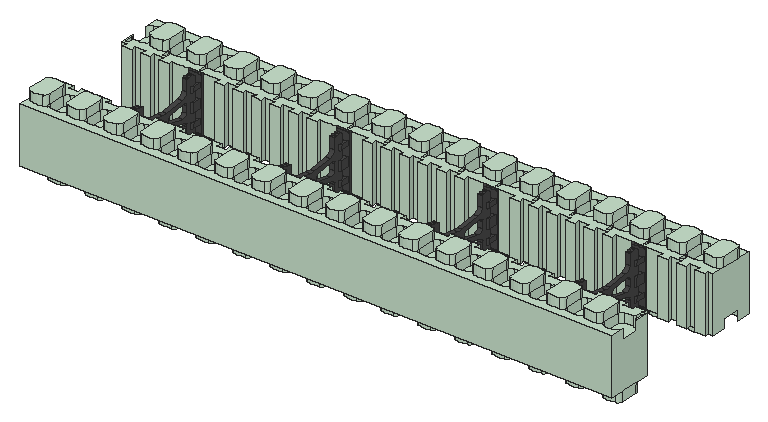
Revit family (continued)
Forms (mm)
  Extrusion 56, void
    sketch origin (508, 235.456, 0) x (-1, 0, 0) y (0, -1, 0)
      loop
        line (6.454, 56.046) -> (2.115, 56.046) -> (2.115, 47.255)
        arc (2.115, 47.255) -> (2.005, 46.676) -> (1.692, 46.177) r 1.588
        arc (1.692, 46.177) -> (0.438, 44.179) -> (0, 41.861) r 6.35
        line (0, 41.861) -> (0, 18.464)
        arc (0, 18.464) -> (1.215, 14.728) -> (4.396, 12.422) r 6.35
        arc (4.396, 12.422) -> (12.7, 11.112) -> (21.004, 12.422) r 26.987
        arc (21.004, 12.422) -> (24.185, 14.728) -> (25.4, 18.464) r 6.35
        line (25.4, 18.464) -> (25.4, 41.861)
        arc (25.4, 41.861) -> (24.185, 45.597) -> (21.004, 47.903) r 6.35
        arc (21.004, 47.903) -> (14.709, 49.138) -> (8.3, 48.851) r 26.987
        arc (8.3, 48.851) -> (7.014, 49.207) -> (6.454, 50.418) r 1.587
        line (6.454, 50.418) -> (6.454, 56.046)
    from 0 to 12.7
  Extrusion 57, void
    sketch origin (457.2, 235.456, 0) x (-1, 0, 0) y (0, -1, 0)
      loop
        line (6.454, 56.046) -> (2.115, 56.046) -> (2.115, 47.255)
        arc (2.115, 47.255) -> (2.005, 46.676) -> (1.692, 46.177) r 1.588
        arc (1.692, 46.177) -> (0.438, 44.179) -> (0, 41.861) r 6.35
        line (0, 41.861) -> (0, 18.464)
        arc (0, 18.464) -> (1.215, 14.728) -> (4.396, 12.422) r 6.35
        arc (4.396, 12.422) -> (12.7, 11.112) -> (21.004, 12.422) r 26.987
        arc (21.004, 12.422) -> (24.185, 14.728) -> (25.4, 18.464) r 6.35
        line (25.4, 18.464) -> (25.4, 41.861)
        arc (25.4, 41.861) -> (24.185, 45.597) -> (21.004, 47.903) r 6.35
        arc (21.004, 47.903) -> (14.709, 49.138) -> (8.3, 48.851) r 26.987
        arc (8.3, 48.851) -> (7.014, 49.207) -> (6.454, 50.418) r 1.587
        line (6.454, 50.418) -> (6.454, 56.046)
    from 0 to 12.7
  Extrusion 58, void
    sketch origin (406.4, 235.456, 0) x (-1, 0, 0) y (0, -1, 0)
      loop
        line (6.454, 56.046) -> (2.115, 56.046) -> (2.115, 47.255)
        arc (2.115, 47.255) -> (2.005, 46.676) -> (1.692, 46.177) r 1.588
        arc (1.692, 46.177) -> (0.438, 44.179) -> (0, 41.861) r 6.35
        line (0, 41.861) -> (0, 18.464)
        arc (0, 18.464) -> (1.215, 14.728) -> (4.396, 12.422) r 6.35
        arc (4.396, 12.422) -> (12.7, 11.112) -> (21.004, 12.422) r 26.987
        arc (21.004, 12.422) -> (24.185, 14.728) -> (25.4, 18.464) r 6.35
        line (25.4, 18.464) -> (25.4, 41.861)
        arc (25.4, 41.861) -> (24.185, 45.597) -> (21.004, 47.903) r 6.35
        arc (21.004, 47.903) -> (14.709, 49.138) -> (8.3, 48.851) r 26.987
        arc (8.3, 48.851) -> (7.014, 49.207) -> (6.454, 50.418) r 1.587
        line (6.454, 50.418) -> (6.454, 56.046)
    from 0 to 12.7
  Extrusion 59, void
    sketch origin (355.6, 235.456, 0) x (-1, 0, 0) y (0, -1, 0)
      loop
        line (6.454, 56.046) -> (2.115, 56.046) -> (2.115, 47.255)
        arc (2.115, 47.255) -> (2.005, 46.676) -> (1.692, 46.177) r 1.588
        arc (1.692, 46.177) -> (0.438, 44.179) -> (0, 41.861) r 6.35
        line (0, 41.861) -> (0, 18.464)
        arc (0, 18.464) -> (1.215, 14.728) -> (4.396, 12.422) r 6.35
        arc (4.396, 12.422) -> (12.7, 11.112) -> (21.004, 12.422) r 26.987
        arc (21.004, 12.422) -> (24.185, 14.728) -> (25.4, 18.464) r 6.35
        line (25.4, 18.464) -> (25.4, 41.861)
        arc (25.4, 41.861) -> (24.185, 45.597) -> (21.004, 47.903) r 6.35
        arc (21.004, 47.903) -> (14.709, 49.138) -> (8.3, 48.851) r 26.987
        arc (8.3, 48.851) -> (7.014, 49.207) -> (6.454, 50.418) r 1.587
        line (6.454, 50.418) -> (6.454, 56.046)
    from 0 to 12.7
  Extrusion 60, void
    sketch origin (304.8, 235.456, 0) x (-1, 0, 0) y (0, -1, 0)
      loop
        line (6.454, 56.046) -> (2.115, 56.046) -> (2.115, 47.255)
        arc (2.115, 47.255) -> (2.005, 46.676) -> (1.692, 46.177) r 1.588
        arc (1.692, 46.177) -> (0.438, 44.179) -> (0, 41.861) r 6.35
        line (0, 41.861) -> (0, 18.464)
        arc (0, 18.464) -> (1.215, 14.728) -> (4.396, 12.422) r 6.35
        arc (4.396, 12.422) -> (12.7, 11.112) -> (21.004, 12.422) r 26.987
        arc (21.004, 12.422) -> (24.185, 14.728) -> (25.4, 18.464) r 6.35
        line (25.4, 18.464) -> (25.4, 41.861)
        arc (25.4, 41.861) -> (24.185, 45.597) -> (21.004, 47.903) r 6.35
        arc (21.004, 47.903) -> (14.709, 49.138) -> (8.3, 48.851) r 26.987
        arc (8.3, 48.851) -> (7.014, 49.207) -> (6.454, 50.418) r 1.587
        line (6.454, 50.418) -> (6.454, 56.046)
    from 0 to 12.7
  Extrusion 61, void
    sketch origin (254, 235.456, 0) x (-1, 0, 0) y (0, -1, 0)
      loop
        line (6.454, 56.046) -> (2.115, 56.046) -> (2.115, 47.255)
        arc (2.115, 47.255) -> (2.005, 46.676) -> (1.692, 46.177) r 1.588
        arc (1.692, 46.177) -> (0.438, 44.179) -> (0, 41.861) r 6.35
        line (0, 41.861) -> (0, 18.464)
        arc (0, 18.464) -> (1.215, 14.728) -> (4.396, 12.422) r 6.35
        arc (4.396, 12.422) -> (12.7, 11.112) -> (21.004, 12.422) r 26.987
        arc (21.004, 12.422) -> (24.185, 14.728) -> (25.4, 18.464) r 6.35
        line (25.4, 18.464) -> (25.4, 41.861)
        arc (25.4, 41.861) -> (24.185, 45.597) -> (21.004, 47.903) r 6.35
        arc (21.004, 47.903) -> (14.709, 49.138) -> (8.3, 48.851) r 26.987
        arc (8.3, 48.851) -> (7.014, 49.207) -> (6.454, 50.418) r 1.587
        line (6.454, 50.418) -> (6.454, 56.046)
    from 0 to 12.7
  Extrusion 62, void
    sketch origin (203.2, 235.456, 0) x (-1, 0, 0) y (0, -1, 0)
      loop
        line (6.454, 56.046) -> (2.115, 56.046) -> (2.115, 47.255)
        arc (2.115, 47.255) -> (2.005, 46.676) -> (1.692, 46.177) r 1.588
        arc (1.692, 46.177) -> (0.438, 44.179) -> (0, 41.861) r 6.35
        line (0, 41.861) -> (0, 18.464)
        arc (0, 18.464) -> (1.215, 14.728) -> (4.396, 12.422) r 6.35
        arc (4.396, 12.422) -> (12.7, 11.112) -> (21.004, 12.422) r 26.987
        arc (21.004, 12.422) -> (24.185, 14.728) -> (25.4, 18.464) r 6.35
        line (25.4, 18.464) -> (25.4, 41.861)
        arc (25.4, 41.861) -> (24.185, 45.597) -> (21.004, 47.903) r 6.35
        arc (21.004, 47.903) -> (14.709, 49.138) -> (8.3, 48.851) r 26.987
        arc (8.3, 48.851) -> (7.014, 49.207) -> (6.454, 50.418) r 1.587
        line (6.454, 50.418) -> (6.454, 56.046)
    from 0 to 12.7
  Extrusion 63, void
    sketch origin (152.4, 235.456, 0) x (-1, 0, 0) y (0, -1, 0)
      loop
        line (6.454, 56.046) -> (2.115, 56.046) -> (2.115, 47.255)
        arc (2.115, 47.255) -> (2.005, 46.676) -> (1.692, 46.177) r 1.588
        arc (1.692, 46.177) -> (0.438, 44.179) -> (0, 41.861) r 6.35
        line (0, 41.861) -> (0, 18.464)
        arc (0, 18.464) -> (1.215, 14.728) -> (4.396, 12.422) r 6.35
        arc (4.396, 12.422) -> (12.7, 11.112) -> (21.004, 12.422) r 26.987
        arc (21.004, 12.422) -> (24.185, 14.728) -> (25.4, 18.464) r 6.35
        line (25.4, 18.464) -> (25.4, 41.861)
        arc (25.4, 41.861) -> (24.185, 45.597) -> (21.004, 47.903) r 6.35
        arc (21.004, 47.903) -> (14.709, 49.138) -> (8.3, 48.851) r 26.987
        arc (8.3, 48.851) -> (7.014, 49.207) -> (6.454, 50.418) r 1.587
        line (6.454, 50.418) -> (6.454, 56.046)
    from 0 to 12.7
  Extrusion 64, void
    sketch origin (101.6, 235.456, 0) x (-1, 0, 0) y (0, -1, 0)
      loop
        line (6.454, 56.046) -> (2.115, 56.046) -> (2.115, 47.255)
        arc (2.115, 47.255) -> (2.005, 46.676) -> (1.692, 46.177) r 1.588
        arc (1.692, 46.177) -> (0.438, 44.179) -> (0, 41.861) r 6.35
        line (0, 41.861) -> (0, 18.464)
        arc (0, 18.464) -> (1.215, 14.728) -> (4.396, 12.422) r 6.35
        arc (4.396, 12.422) -> (12.7, 11.112) -> (21.004, 12.422) r 26.987
        arc (21.004, 12.422) -> (24.185, 14.728) -> (25.4, 18.464) r 6.35
        line (25.4, 18.464) -> (25.4, 41.861)
        arc (25.4, 41.861) -> (24.185, 45.597) -> (21.004, 47.903) r 6.35
        arc (21.004, 47.903) -> (14.709, 49.138) -> (8.3, 48.851) r 26.987
        arc (8.3, 48.851) -> (7.014, 49.207) -> (6.454, 50.418) r 1.587
        line (6.454, 50.418) -> (6.454, 56.046)
    from 0 to 12.7
  Extrusion 65, void
    sketch origin (50.8, 235.456, 0) x (-1, 0, 0) y (0, -1, 0)
      loop
        line (6.454, 56.046) -> (2.115, 56.046) -> (2.115, 47.255)
        arc (2.115, 47.255) -> (2.005, 46.676) -> (1.692, 46.177) r 1.588
        arc (1.692, 46.177) -> (0.438, 44.179) -> (0, 41.861) r 6.35
        line (0, 41.861) -> (0, 18.464)
        arc (0, 18.464) -> (1.215, 14.728) -> (4.396, 12.422) r 6.35
        arc (4.396, 12.422) -> (12.7, 11.112) -> (21.004, 12.422) r 26.987
        arc (21.004, 12.422) -> (24.185, 14.728) -> (25.4, 18.464) r 6.35
        line (25.4, 18.464) -> (25.4, 41.861)
        arc (25.4, 41.861) -> (24.185, 45.597) -> (21.004, 47.903) r 6.35
        arc (21.004, 47.903) -> (14.709, 49.138) -> (8.3, 48.851) r 26.987
        arc (8.3, 48.851) -> (7.014, 49.207) -> (6.454, 50.418) r 1.587
        line (6.454, 50.418) -> (6.454, 56.046)
    from 0 to 12.7
Cuts and joins
  Extrusion 2, Extrusion 3, Extrusion 4, Extrusion 5, Extrusion 6, Extrusion 7, Extrusion 8, Extrusion 9, Extrusion 10, Extrusion 11, Extrusion 12, Extrusion 13, Extrusion 14, Extrusion 15, Extrusion 16, Extrusion 17, Extrusion 18, Extrusion 19, Extrusion 20, Extrusion 21, Extrusion 22, Extrusion 23, Extrusion 24, Extrusion 25, Extrusion 26, Extrusion 27, Extrusion 28, Extrusion 29, Extrusion 30, Extrusion 31, Extrusion 32, Extrusion 33, Extrusion 34, Extrusion 35, Extrusion 36, Extrusion 37, Extrusion 38, Extrusion 39, Extrusion 40, Extrusion 41, Extrusion 42, Extrusion 43, Extrusion 44, Extrusion 45, Extrusion 46, Extrusion 47, Extrusion 48, Extrusion 49, Extrusion 50, Extrusion 51, Extrusion 52, Extrusion 53, Extrusion 54, Extrusion 55, Extrusion 56, Extrusion 57, Extrusion 58, Extrusion 59, Extrusion 60, Extrusion 61, Extrusion 62, Extrusion 63, Extrusion 64, Extrusion 65 cuts Extrusion 1
Dimensions and locks
  aligned and locked: level to plane 2
Nested families
  nested 1: "Interlock Tooth" at (0, 143.381, -381), type "Interlock Tooth"
  nested 2: "Interlock Tooth" at (50.8, 143.381, -381), type "Interlock Tooth"
  nested 3: "Interlock Tooth" at (101.6, 143.381, -381), type "Interlock Tooth"
  nested 4: "Interlock Tooth" at (152.4, 143.381, -381), type "Interlock Tooth"
  nested 5: "Interlock Tooth" at (203.2, 143.381, -381), type "Interlock Tooth"
  nested 6: "Interlock Tooth" at (254, 143.381, -381), type "Interlock Tooth"
  nested 7: "Interlock Tooth" at (304.8, 143.381, -381), type "Interlock Tooth"
  nested 8: "Interlock Tooth" at (355.6, 143.381, -381), type "Interlock Tooth"
  nested 9: "Interlock Tooth" at (406.4, 143.381, -381), type "Interlock Tooth"
  nested 10: "Interlock Tooth" at (457.2, 143.381, -381), type "Interlock Tooth"
  nested 11: "Interlock Tooth" at (508, 143.381, -381), type "Interlock Tooth"
  nested 12: "Interlock Tooth" at (558.8, 143.381, -381), type "Interlock Tooth"
  nested 13: "Interlock Tooth" at (609.6, 143.381, -381), type "Interlock Tooth"
  nested 14: "Interlock Tooth" at (660.4, 143.381, -381), type "Interlock Tooth"
  nested 15: "Interlock Tooth" at (711.2, 143.381, -381), type "Interlock Tooth"
  nested 16: "Interlock Tooth" at (762, 143.381, -381), type "Interlock Tooth"
  nested 17: "Interlock Tooth" at (76.2, 143.381, -469.9), type "Interlock Tooth"
  nested 18: "Interlock Tooth" at (127, 143.381, -469.9), type "Interlock Tooth"
  nested 19: "Interlock Tooth" at (177.8, 143.381, -469.9), type "Interlock Tooth"
  nested 20: "Interlock Tooth" at (228.6, 143.381, -469.9), type "Interlock Tooth"
  nested 21: "Interlock Tooth" at (25.4, 143.381, -469.9), type "Interlock Tooth"
  nested 22: "Interlock Tooth" at (279.4, 143.381, -469.9), type "Interlock Tooth"
  nested 23: "Interlock Tooth" at (330.2, 143.381, -469.9), type "Interlock Tooth"
  nested 24: "Interlock Tooth" at (381, 143.381, -469.9), type "Interlock Tooth"
  nested 25: "Interlock Tooth" at (431.8, 143.381, -469.9), type "Interlock Tooth"
  nested 26: "Interlock Tooth" at (482.6, 143.381, -469.9), type "Interlock Tooth"
  nested 27: "Interlock Tooth" at (533.4, 143.381, -469.9), type "Interlock Tooth"
  nested 28: "Interlock Tooth" at (584.2, 143.381, -469.9), type "Interlock Tooth"
  nested 29: "Interlock Tooth" at (635, 143.381, -469.9), type "Interlock Tooth"
  nested 30: "Interlock Tooth" at (685.8, 143.381, -469.9), type "Interlock Tooth"
  nested 31: "Interlock Tooth" at (736.6, 143.381, -469.9), type "Interlock Tooth"
  nested 32: "Interlock Tooth" at (787.4, 143.381, -469.9), type "Interlock Tooth"
  nested 33: "Interlock Tooth" at (812.8, 92.581, -381) x (-1, 0, 0) z (0, 0, 1), type "Interlock Tooth"
  nested 34: "Interlock Tooth" at (762, 92.581, -381) x (-1, 0, 0) z (0, 0, 1), type "Interlock Tooth"
  nested 35: "Interlock Tooth" at (711.2, 92.581, -381) x (-1, 0, 0) z (0, 0, 1), type "Interlock Tooth"
  nested 36: "Interlock Tooth" at (660.4, 92.581, -381) x (-1, 0, 0) z (0, 0, 1), type "Interlock Tooth"
  nested 37: "Interlock Tooth" at (609.6, 92.581, -381) x (-1, 0, 0) z (0, 0, 1), type "Interlock Tooth"
  nested 38: "Interlock Tooth" at (558.8, 92.581, -381) x (-1, 0, 0) z (0, 0, 1), type "Interlock Tooth"
  nested 39: "Interlock Tooth" at (508, 92.581, -381) x (-1, 0, 0) z (0, 0, 1), type "Interlock Tooth"
  nested 40: "Interlock Tooth" at (457.2, 92.581, -381) x (-1, 0, 0) z (0, 0, 1), type "Interlock Tooth"
  nested 41: "Interlock Tooth" at (406.4, 92.581, -381) x (-1, 0, 0) z (0, 0, 1), type "Interlock Tooth"
  nested 42: "Interlock Tooth" at (355.6, 92.581, -381) x (-1, 0, 0) z (0, 0, 1), type "Interlock Tooth"
  nested 43: "Interlock Tooth" at (304.8, 92.581, -381) x (-1, 0, 0) z (0, 0, 1), type "Interlock Tooth"
  nested 44: "Interlock Tooth" at (254, 92.581, -381) x (-1, 0, 0) z (0, 0, 1), type "Interlock Tooth"
  nested 45: "Interlock Tooth" at (203.2, 92.581, -381) x (-1, 0, 0) z (0, 0, 1), type "Interlock Tooth"
  nested 46: "Interlock Tooth" at (152.4, 92.581, -381) x (-1, 0, 0) z (0, 0, 1), type "Interlock Tooth"
  nested 47: "Interlock Tooth" at (101.6, 92.581, -381) x (-1, 0, 0) z (0, 0, 1), type "Interlock Tooth"
  nested 48: "Interlock Tooth" at (50.8, 92.581, -381) x (-1, 0, 0) z (0, 0, 1), type "Interlock Tooth"
  nested 49: "Interlock Tooth" at (736.6, 92.581, -469.9) x (-1, 0, 0) z (0, 0, 1), type "Interlock Tooth"
  nested 50: "Interlock Tooth" at (685.8, 92.581, -469.9) x (-1, 0, 0) z (0, 0, 1), type "Interlock Tooth"
  nested 51: "Interlock Tooth" at (635, 92.581, -469.9) x (-1, 0, 0) z (0, 0, 1), type "Interlock Tooth"
  nested 52: "Interlock Tooth" at (584.2, 92.581, -469.9) x (-1, 0, 0) z (0, 0, 1), type "Interlock Tooth"
  nested 53: "Interlock Tooth" at (787.4, 92.581, -469.9) x (-1, 0, 0) z (0, 0, 1), type "Interlock Tooth"
  nested 54: "Interlock Tooth" at (533.4, 92.581, -469.9) x (-1, 0, 0) z (0, 0, 1), type "Interlock Tooth"
  nested 55: "Interlock Tooth" at (482.6, 92.581, -469.9) x (-1, 0, 0) z (0, 0, 1), type "Interlock Tooth"
  nested 56: "Interlock Tooth" at (431.8, 92.581, -469.9) x (-1, 0, 0) z (0, 0, 1), type "Interlock Tooth"
  nested 57: "Interlock Tooth" at (381, 92.581, -469.9) x (-1, 0, 0) z (0, 0, 1), type "Interlock Tooth"
  nested 58: "Interlock Tooth" at (330.2, 92.581, -469.9) x (-1, 0, 0) z (0, 0, 1), type "Interlock Tooth"
  nested 59: "Interlock Tooth" at (279.4, 92.581, -469.9) x (-1, 0, 0) z (0, 0, 1), type "Interlock Tooth"
  nested 60: "Interlock Tooth" at (228.6, 92.581, -469.9) x (-1, 0, 0) z (0, 0, 1), type "Interlock Tooth"
  nested 61: "Interlock Tooth" at (177.8, 92.581, -469.9) x (-1, 0, 0) z (0, 0, 1), type "Interlock Tooth"
  nested 62: "Interlock Tooth" at (127, 92.581, -469.9) x (-1, 0, 0) z (0, 0, 1), type "Interlock Tooth"
  nested 63: "Interlock Tooth" at (76.2, 92.581, -469.9) x (-1, 0, 0) z (0, 0, 1), type "Interlock Tooth"
  nested 64: "Interlock Tooth" at (25.4, 92.581, -469.9) x (-1, 0, 0) z (0, 0, 1), type "Interlock Tooth"
  nested 65: "NUDURA Height Adjuster Diamond Pattern" at (609.6, 378.331, 0), type "NUDURA Height Adjuster Diamond Pattern"
  nested 66: "NUDURA Height Adjuster Diamond Pattern" at (406.4, 378.331, 0), type "NUDURA Height Adjuster Diamond Pattern"
  nested 67: "NUDURA Height Adjuster Diamond Pattern" at (203.2, 378.331, 0), type "NUDURA Height Adjuster Diamond Pattern"
  nested 68: "NUDURA Height Adjuster Diamond Pattern" at (0, 378.331, 0), type "NUDURA Height Adjuster Diamond Pattern"
  nested 69: "NUDURA Height Adjuster Diamond Pattern" at (609.6, -142.369, 0), type "NUDURA Height Adjuster Diamond Pattern"
  nested 70: "NUDURA Height Adjuster Diamond Pattern" at (406.4, -142.369, 0), type "NUDURA Height Adjuster Diamond Pattern"
  nested 71: "NUDURA Height Adjuster Diamond Pattern" at (203.2, -142.369, 0), type "NUDURA Height Adjuster Diamond Pattern"
  nested 72: "NUDURA Height Adjuster Diamond Pattern" at (0, -142.369, 0), type "NUDURA Height Adjuster Diamond Pattern"
  nested 73: "NUDURA 4-inch Height Adjuster Web" at (101.6, 117.981, 0), type "NUDURA 4-inch Height Adjuster Web"
  nested 74: "NUDURA 4-inch Height Adjuster Web" at (304.8, 117.981, 0), type "NUDURA 4-inch Height Adjuster Web"
  nested 75: "NUDURA 4-inch Height Adjuster Web" at (508, 117.981, 0), type "NUDURA 4-inch Height Adjuster Web"
  nested 76: "NUDURA 4-inch Height Adjuster Web" at (711.2, 117.981, 0), type "NUDURA 4-inch Height Adjuster Web"
Definition of nested family "Interlock Tooth"
  Reference planes
    plane 1 "Center (Front/Back)": y = 0
    plane 2: z = 0
    plane 3 "Center (Left/Right)": x = 0
    plane 4: z = 457.2
    plane 5: z = 469.9
    plane 6: z = -12.7
  Forms (mm)
    Extrusion 1, solid, material "NUDURA Expanded Polystyrene Foam Insulation"
      sketch origin (0, -225.425, 0) x (1, 0, 0) y (0, 1, 0)
        loop
          arc (0, 101.014) -> (1.215, 97.278) -> (4.396, 94.972) r 6.35
          arc (4.396, 94.972) -> (12.7, 93.663) -> (21.004, 94.972) r 26.988
          arc (21.004, 94.972) -> (24.185, 97.278) -> (25.4, 101.014) r 6.35
          line (25.4, 101.014) -> (25.4, 124.411)
          arc (25.4, 124.411) -> (24.185, 128.147) -> (21.004, 130.453) r 6.35
          arc (21.004, 130.453) -> (12.7, 131.763) -> (4.396, 130.453) r 26.987
          arc (4.396, 130.453) -> (1.215, 128.147) -> (0, 124.411) r 6.35
          line (0, 124.411) -> (0, 101.014)
      from 457.2 to 469.9
  Dimensions and locks
    locked: plane 4 to level at 457.2
    locked: plane 4 to plane 5 at 12.7
    locked: plane 6 to level at 12.7
Definition of nested family "NUDURA 4-inch Height Adjuster Web"
  Reference planes
    plane 1 "Center (Front/Back)": y = 0
    plane 2: z = 0
    plane 3 "Center (Left/Right)": x = 0
    plane 4: z = 76.2
    plane 5: z = 12.7
    plane 6: z = 63.5
    plane 7: z = 57.15
    plane 8: z = 19.05
    plane 9: z = 31.75
    plane 10: z = 44.45
  Forms (mm)
    Extrusion 1, solid, material "High Density Polystyrene"
      sketch origin (0, 6.921, 0) x (0, 1, 0) y (0, 0, 1)
        loop
          line (50.229, 0) -> (50.229, 76.2)
          arc (50.229, 76.2) -> (49.495, 75.698) -> (49.212, 74.856) r 1.397
          line (49.212, 74.856) -> (49.212, 1.344)
          arc (49.212, 1.344) -> (49.495, 0.502) -> (50.229, 0) r 1.397
        loop
          arc (-64.071, 0) -> (-63.338, 0.502) -> (-63.055, 1.344) r 1.397
          line (-63.055, 1.344) -> (-63.055, 74.856)
          arc (-63.055, 74.856) -> (-63.338, 75.698) -> (-64.071, 76.2) r 1.397
          line (-64.071, 76.2) -> (-64.071, 0)
      from -9.227 to 9.227
    Extrusion 2, solid, material "High Density Polystyrene"
      sketch origin (0, 0.508, -105.326) x (0, 1, 0) y (0, 0, 1)
        loop
          arc (37.592, 165.221) -> (35.474, 159.949) -> (30.298, 157.608) r 7.62
          line (30.298, 157.608) -> (3.311, 153.503)
          arc (3.311, 153.503) -> (-0.508, 153.214) -> (-4.327, 153.503) r 25.4
          line (-4.327, 153.503) -> (-31.314, 157.608)
          arc (-31.314, 157.608) -> (-36.49, 159.949) -> (-38.608, 165.221) r 7.62
          line (-38.608, 165.221) -> (-38.608, 179.521) -> (-41.148, 179.521)
          arc (-41.148, 179.521) -> (-41.512, 180.4) -> (-42.391, 180.764) r 1.243
          line (-42.391, 180.764) -> (-46.228, 180.764) -> (-46.99, 181.526) -> (-49.276, 181.526) -> (-51.308, 179.494) -> (-51.308, 107.358) -> (-49.276, 105.326) -> (-46.99, 105.326) -> (-46.228, 106.088) -> (-42.391, 106.088)
          arc (-42.391, 106.088) -> (-41.512, 106.452) -> (-41.148, 107.331) r 1.243
          line (-41.148, 107.331) -> (-38.608, 107.331) -> (-38.608, 121.577)
          arc (-38.608, 121.577) -> (-36.595, 126.737) -> (-31.62, 129.171) r 7.62
          line (-31.62, 129.171) -> (-4.327, 133.349)
          arc (-4.327, 133.349) -> (-0.508, 133.638) -> (3.311, 133.349) r 25.4
          line (3.311, 133.349) -> (30.604, 129.198)
          arc (30.604, 129.198) -> (35.579, 126.737) -> (37.592, 121.577) r 7.62
          line (37.592, 121.577) -> (37.592, 107.331) -> (40.132, 107.331)
          arc (40.132, 107.331) -> (40.496, 106.452) -> (41.375, 106.088) r 1.243
          line (41.375, 106.088) -> (45.212, 106.088) -> (45.974, 105.326) -> (48.26, 105.326) -> (50.292, 107.358) -> (50.292, 179.494) -> (48.26, 181.526) -> (45.974, 181.526) -> (45.212, 180.764) -> (41.375, 180.764)
          arc (41.375, 180.764) -> (40.496, 180.4) -> (40.132, 179.521) r 1.243
          line (40.132, 179.521) -> (37.592, 179.521) -> (37.592, 165.221)
        loop
          line (9.231, 137.916) -> (31.572, 133.709)
          arc (31.572, 133.709) -> (35.755, 134.79) -> (37.592, 138.701) r 5.08
          line (37.592, 138.701) -> (37.592, 148.151)
          arc (37.592, 148.151) -> (35.755, 152.061) -> (31.572, 153.143) r 5.08
          line (31.572, 153.143) -> (9.231, 148.935)
          arc (9.231, 148.935) -> (5.914, 147.313) -> (4.572, 143.873) r 5.08
          line (4.572, 143.873) -> (4.572, 142.979)
          arc (4.572, 142.979) -> (5.914, 139.539) -> (9.231, 137.916) r 5.08
        loop
          arc (-10.247, 137.916) -> (-6.93, 139.539) -> (-5.588, 142.979) r 5.08
          line (-5.588, 142.979) -> (-5.588, 143.873)
          arc (-5.588, 143.873) -> (-6.93, 147.313) -> (-10.247, 148.935) r 5.08
          line (-10.247, 148.935) -> (-32.588, 153.143)
          arc (-32.588, 153.143) -> (-36.771, 152.061) -> (-38.608, 148.151) r 5.08
          line (-38.608, 148.151) -> (-38.608, 138.701)
          arc (-38.608, 138.701) -> (-36.771, 134.79) -> (-32.588, 133.709) r 5.08
          line (-32.588, 133.709) -> (-10.247, 137.916)
      from -3.175 to 3.175
    Extrusion 3, void
      sketch origin (0, -25.4, -2.205) x (-1, 0, 0) y (0, -1, 0)
        loop
          arc (-6.35, -70.929) -> (-5.736, -69.448) -> (-4.255, -68.834) r 2.095
          line (-4.255, -68.834) -> (-6.35, -68.834) -> (-6.35, -70.929)
      from 14.905 to 65.705
    Extrusion 4, void
      sketch origin (0, 25.4, 0) x (1, 0, 0) y (0, 1, 0)
        loop
          arc (-6.35, -70.929) -> (-5.736, -69.448) -> (-4.255, -68.834) r 2.095
          line (-4.255, -68.834) -> (-6.35, -68.834) -> (-6.35, -70.929)
      from 12.7 to 63.5
    Extrusion 5, void
      sketch origin (0, 25.4, 0) x (-1, 0, 0) y (0, -1, 0)
        loop
          line (-6.35, 70.929) -> (-6.35, 68.834) -> (-4.255, 68.834)
          arc (-4.255, 68.834) -> (-5.736, 69.448) -> (-6.35, 70.929) r 2.095
      from 12.7 to 63.5
    Extrusion 6, solid, material "High Density Polystyrene"
      sketch origin (0, 0, 0) x (0, 1, 0) y (0, 0, 1)
        loop
          line (56.134, 63.5) -> (43.434, 63.5) -> (43.434, 57.15) -> (56.134, 57.15) -> (56.134, 63.5)
        loop
          line (56.134, 44.45) -> (43.434, 44.45) -> (43.434, 31.75) -> (56.134, 31.75) -> (56.134, 44.45)
        loop
          line (56.134, 19.05) -> (43.434, 19.05) -> (43.434, 12.7) -> (56.134, 12.7) -> (56.134, 19.05)
        loop
          line (-56.134, 63.5) -> (-56.134, 57.15) -> (-43.434, 57.15) -> (-43.434, 63.5) -> (-56.134, 63.5)
        loop
          line (-56.134, 44.45) -> (-56.134, 31.75) -> (-43.434, 31.75) -> (-43.434, 44.45) -> (-56.134, 44.45)
        loop
          line (-56.134, 19.05) -> (-56.134, 12.7) -> (-43.434, 12.7) -> (-43.434, 19.05) -> (-56.134, 19.05)
      from -6.35 to 6.35
    Extrusion 7, void
      sketch origin (0, -25.4, -2.205) x (1, 0, 0) y (0, 1, 0)
        loop
          line (-6.35, 70.929) -> (-6.35, 68.834) -> (-4.255, 68.834)
          arc (-4.255, 68.834) -> (-5.736, 69.448) -> (-6.35, 70.929) r 2.095
      from 14.905 to 65.705
  Cuts and joins
    Extrusion 3, Extrusion 4, Extrusion 5, Extrusion 7 cuts Extrusion 6
    Extrusion 7 cuts Extrusion 1
Definition of nested family "NUDURA Height Adjuster Diamond Pattern"
  Reference planes
    plane 1 "Center (Front/Back)": y = 0
    plane 2: z = 0
    plane 3 "Center (Left/Right)": x = 0
    plane 4: z = 76.2
  Lines and regions (mm)
    model lines
      curve 1: line (203.2, -142.875, 76.2) -> (203.2, -142.875, 0)
      curve 2: line (152.4, -142.875, 76.2) -> (152.4, -142.875, 0)
      curve 3: line (50.8, -142.875, 76.2) -> (50.8, -142.875, 0)
      curve 4: line (117.704, -142.875, 63.885) -> (108.981, -142.875, 72.608)
      curve 5: arc (117.704, -142.875, 50.415) -> (120.494, -142.875, 57.15) -> (117.704, -142.875, 63.885) r 9.525
      curve 6: line (108.981, -142.875, 41.692) -> (117.704, -142.875, 50.415)
      curve 7: line (85.183, -142.875, 50.415) -> (93.906, -142.875, 41.692)
      curve 8: arc (85.183, -142.875, 63.885) -> (82.394, -142.875, 57.15) -> (85.183, -142.875, 50.415) r 9.525
      curve 9: line (93.906, -142.875, 72.608) -> (85.183, -142.875, 63.885)
      curve 10: arc (105.934, -142.875, 71.165) -> (101.444, -142.875, 73.025) -> (96.953, -142.875, 71.165) r 6.35
      curve 11: line (96.953, -142.875, 71.165) -> (87.428, -142.875, 61.64)
      curve 12: arc (87.428, -142.875, 61.64) -> (85.569, -142.875, 57.15) -> (87.428, -142.875, 52.66) r 6.35
      curve 13: line (87.428, -142.875, 52.66) -> (96.953, -142.875, 43.135)
      curve 14: arc (96.953, -142.875, 43.135) -> (101.444, -142.875, 41.275) -> (105.934, -142.875, 43.135) r 6.35
      curve 15: line (105.934, -142.875, 43.135) -> (115.459, -142.875, 52.66)
      curve 16: arc (115.459, -142.875, 52.66) -> (117.319, -142.875, 57.15) -> (115.459, -142.875, 61.64) r 6.35
      curve 17: line (115.459, -142.875, 61.64) -> (105.934, -142.875, 71.165)
      curve 18: arc (93.906, -142.875, 34.508) -> (95.394, -142.875, 38.1) -> (93.906, -142.875, 41.692) r 5.08
      curve 19: line (93.906, -142.875, 34.508) -> (85.183, -142.875, 25.785)
      curve 20: arc (85.183, -142.875, 25.785) -> (82.394, -142.875, 19.05) -> (85.183, -142.875, 12.315) r 9.525
      curve 21: line (85.183, -142.875, 12.315) -> (94.708, -142.875, 2.79)
      curve 22: arc (94.708, -142.875, 2.79) -> (101.444, -142.875, 0) -> (108.179, -142.875, 2.79) r 9.525
      curve 23: line (108.179, -142.875, 2.79) -> (117.704, -142.875, 12.315)
      curve 24: arc (117.704, -142.875, 12.315) -> (120.494, -142.875, 19.05) -> (117.704, -142.875, 25.785) r 9.525
      curve 25: line (117.704, -142.875, 25.785) -> (108.981, -142.875, 34.508)
      curve 26: arc (108.981, -142.875, 41.692) -> (107.493, -142.875, 38.1) -> (108.981, -142.875, 34.508) r 5.08
      curve 27: arc (105.934, -142.875, 33.065) -> (101.444, -142.875, 34.925) -> (96.953, -142.875, 33.065) r 6.35
      curve 28: line (115.459, -142.875, 23.54) -> (105.934, -142.875, 33.065)
      curve 29: arc (115.459, -142.875, 14.56) -> (117.319, -142.875, 19.05) -> (115.459, -142.875, 23.54) r 6.35
      curve 30: line (105.934, -142.875, 5.035) -> (115.459, -142.875, 14.56)
      curve 31: arc (96.953, -142.875, 5.035) -> (101.444, -142.875, 3.175) -> (105.934, -142.875, 5.035) r 6.35
      curve 32: line (87.428, -142.875, 14.56) -> (96.953, -142.875, 5.035)
      curve 33: arc (87.428, -142.875, 23.54) -> (85.569, -142.875, 19.05) -> (87.428, -142.875, 14.56) r 6.35
      curve 34: line (96.953, -142.875, 33.065) -> (87.428, -142.875, 23.54)
      curve 35: arc (108.179, -142.875, 73.41) -> (101.444, -142.875, 76.2) -> (94.708, -142.875, 73.41) r 9.525
